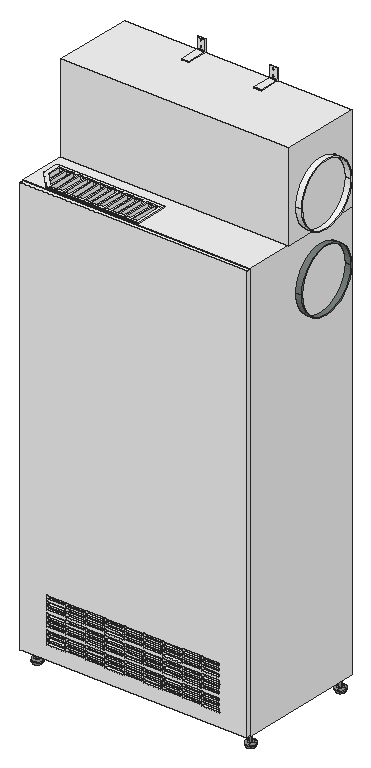
Revit family "AM 950 F SSR", category Mechanical Equipment, Revit 2019
Family settings
  Round Connector Dimension = Use Diameter
  Part Type = Normal
  OmniClass Number = 23.75.00.00
  OmniClass Title = Climate Control (HVAC)
  Work Plane-Based = No
  Always vertical = Yes
  Cut with Voids When Loaded = No
  Shared = No
  Room Calculation Point = No
Parameters
  not Flashing [instance] = not(Flashing)  # yes
  Weight (Standard Unit) = 301.5  # constant formula
  Water heating surface in = "1/2\" (DN 15)"
  Water heating surface Return = "1/2\" (DN 15)"
  Water Heater Surface Return = 15 mm  # constant formula
  Water Heater Surface IN = 15 mm  # constant formula
  Version = "1.0"
  URL = "www.airmaster-as.com"
  Total Width = 1150 mm  # constant formula
  Total Hight = 2120 mm  # constant formula
  Suply Air In = 315 mm  # constant formula
  Publication date = "11.06.2025"
  Phase 1 - Max Power Consumption = "2.790 w"
  Phase 1 - Max Current = "12,7A"
  Nominal current, electrical preheating surface = "10 A"
  Nominal current, electrical comfort heating surface = "7,39 A"
  Maximum current, air handling unit = "2,76 A"
  Network Conection = "AWG 24 CAT 5e STP"
  Model = "AM 950 F SSR"
  Max. flow rate 35 dB(A) with ePM10 55% filters = 912.00 m³  # constant formula
  Max. flow rate 35 dB(A) with ePM10 50% filters = 915.00 m³  # constant formula
  Max. flow rate 30 dB(A) with ePM10 55% filters = 715.00 m³  # constant formula
  Max. flow rate 30 dB(A) with ePM10 50% filters = 730.00 m³  # constant formula
  Manufacturer = "Airmaster A/S"
  Maintenance [instance] = no
  Flashing [instance] = no
  Exhaust Air = 315 mm  # constant formula
  Total Depth = 661 mm  # constant formula
  Electrical connection = "220-240V/50Hz, ~1N+PE or 220-240V/50Hz, ~3N+PE"
  Drawn By = "LSB"
  Condensate conector = "Ø6/9 mm"
  Condensate = 9 mm  # constant formula
  BMS Panel = "(PTS) 2x2x0,6"
  BMS Out = "(PTS) 2x2x0,6"
  BMS IN = "(PTS) 2x2x0,6"
  Airflow area [instance] = no
Reference planes
  plane 1 "Center (Front/Back)": y = 0
  plane 2: z = -30
  plane 3 "Center (Left/Right)": x = 0
  plane 4 "Center L/S": y = -661
  plane 5 "Center L/T": x = -575
  plane 6 "Center L/U": x = 575
  plane 7 "TOP": z = 2090
Forms (mm)
  Extrusion 1, solid, material "AM Grey"
    sketch origin (0, 0, 2121) x (1, 0, 0) y (0, 1, 0)
      loop
        circle (-375, -200) r 157.5
      loop
        circle (-375, -200) r 154.5
    from 0 to 34
  Extrusion 2, solid, material "AM Grey"
    sketch origin (0, 0, 2121) x (-1, 0, 0) y (0, -1, 0)
      loop
        circle (-375, 200) r 157.5
      loop
        circle (-375, 200) r 154.5
    from 0 to 34
  Blend 3, void
    base sketch origin (50, 0, 2121) x (0, 1, 0) y (-1, 0, 0)
      loop
        line (-614.869, 458.066) -> (-614.869, 415.733) -> (-478.869, 484.733) -> (-478.869, 527.066) -> (-614.869, 458.066)
    top sketch origin (50, 0, 2121) x (0, 1, 0) y (-1, 0, 0)
      loop
        line (-478.869, 497.066) -> (-614.869, 428.066) -> (-614.869, 385.733) -> (-478.869, 454.733) -> (-478.869, 497.066)
    from 0 to -30
  Blend 4, void
    base sketch origin (99.25, 0, 2121) x (0, 1, 0) y (-1, 0, 0)
      loop
        line (-614.869, 458.066) -> (-614.869, 415.733) -> (-478.869, 484.733) -> (-478.869, 527.066) -> (-614.869, 458.066)
    top sketch origin (99.25, 0, 2121) x (0, 1, 0) y (-1, 0, 0)
      loop
        line (-478.869, 497.066) -> (-614.869, 428.066) -> (-614.869, 385.733) -> (-478.869, 454.733) -> (-478.869, 497.066)
    from 0 to -30
  Blend 5, void
    base sketch origin (148.5, 0, 2121) x (0, 1, 0) y (-1, 0, 0)
      loop
        line (-614.869, 458.066) -> (-614.869, 415.733) -> (-478.869, 484.733) -> (-478.869, 527.066) -> (-614.869, 458.066)
    top sketch origin (148.5, 0, 2121) x (0, 1, 0) y (-1, 0, 0)
      loop
        line (-478.869, 497.066) -> (-614.869, 428.066) -> (-614.869, 385.733) -> (-478.869, 454.733) -> (-478.869, 497.066)
    from 0 to -30
  Blend 6, void
    base sketch origin (197.75, 0, 2121) x (0, 1, 0) y (-1, 0, 0)
      loop
        line (-614.869, 458.066) -> (-614.869, 415.733) -> (-478.869, 484.733) -> (-478.869, 527.066) -> (-614.869, 458.066)
    top sketch origin (197.75, 0, 2121) x (0, 1, 0) y (-1, 0, 0)
      loop
        line (-478.869, 497.066) -> (-614.869, 428.066) -> (-614.869, 385.733) -> (-478.869, 454.733) -> (-478.869, 497.066)
    from 0 to -30
  Blend 7, void
    base sketch origin (247, 0, 2121) x (0, 1, 0) y (-1, 0, 0)
      loop
        line (-614.869, 458.066) -> (-614.869, 415.733) -> (-478.869, 484.733) -> (-478.869, 527.066) -> (-614.869, 458.066)
    top sketch origin (247, 0, 2121) x (0, 1, 0) y (-1, 0, 0)
      loop
        line (-478.869, 497.066) -> (-614.869, 428.066) -> (-614.869, 385.733) -> (-478.869, 454.733) -> (-478.869, 497.066)
    from 0 to -30
  Blend 8, void
    base sketch origin (296.25, 0, 2121) x (0, 1, 0) y (-1, 0, 0)
      loop
        line (-614.869, 458.066) -> (-614.869, 415.733) -> (-478.869, 484.733) -> (-478.869, 527.066) -> (-614.869, 458.066)
    top sketch origin (296.25, 0, 2121) x (0, 1, 0) y (-1, 0, 0)
      loop
        line (-478.869, 497.066) -> (-614.869, 428.066) -> (-614.869, 385.733) -> (-478.869, 454.733) -> (-478.869, 497.066)
    from 0 to -30
  Blend 9, void
    base sketch origin (345.5, 0, 2121) x (0, 1, 0) y (-1, 0, 0)
      loop
        line (-614.869, 458.066) -> (-614.869, 415.733) -> (-478.869, 484.733) -> (-478.869, 527.066) -> (-614.869, 458.066)
    top sketch origin (345.5, 0, 2121) x (0, 1, 0) y (-1, 0, 0)
      loop
        line (-478.869, 497.066) -> (-614.869, 428.066) -> (-614.869, 385.733) -> (-478.869, 454.733) -> (-478.869, 497.066)
    from 0 to -30
  Blend 10, void
    base sketch origin (-51, 0, 2121) x (0, -1, 0) y (1, 0, 0)
      loop
        line (614.869, 458.066) -> (478.869, 527.066) -> (478.869, 484.733) -> (614.869, 415.733) -> (614.869, 458.066)
    top sketch origin (-51, 0, 2121) x (0, -1, 0) y (1, 0, 0)
      loop
        line (478.869, 497.066) -> (478.869, 454.733) -> (614.869, 385.733) -> (614.869, 428.066) -> (478.869, 497.066)
    from 0 to -30
  Blend 11, void
    base sketch origin (-100.25, 0, 2121) x (0, -1, 0) y (1, 0, 0)
      loop
        line (614.869, 458.066) -> (478.869, 527.066) -> (478.869, 484.733) -> (614.869, 415.733) -> (614.869, 458.066)
    top sketch origin (-100.25, 0, 2121) x (0, -1, 0) y (1, 0, 0)
      loop
        line (478.869, 497.066) -> (478.869, 454.733) -> (614.869, 385.733) -> (614.869, 428.066) -> (478.869, 497.066)
    from 0 to -30
  Blend 12, void
    base sketch origin (-149.5, 0, 2121) x (0, -1, 0) y (1, 0, 0)
      loop
        line (614.869, 458.066) -> (478.869, 527.066) -> (478.869, 484.733) -> (614.869, 415.733) -> (614.869, 458.066)
    top sketch origin (-149.5, 0, 2121) x (0, -1, 0) y (1, 0, 0)
      loop
        line (478.869, 497.066) -> (478.869, 454.733) -> (614.869, 385.733) -> (614.869, 428.066) -> (478.869, 497.066)
    from 0 to -30
  Blend 13, void
    base sketch origin (-198.75, 0, 2121) x (0, -1, 0) y (1, 0, 0)
      loop
        line (614.869, 458.066) -> (478.869, 527.066) -> (478.869, 484.733) -> (614.869, 415.733) -> (614.869, 458.066)
    top sketch origin (-198.75, 0, 2121) x (0, -1, 0) y (1, 0, 0)
      loop
        line (478.869, 497.066) -> (478.869, 454.733) -> (614.869, 385.733) -> (614.869, 428.066) -> (478.869, 497.066)
    from 0 to -30
  Blend 14, void
    base sketch origin (-248, 0, 2121) x (0, -1, 0) y (1, 0, 0)
      loop
        line (614.869, 458.066) -> (478.869, 527.066) -> (478.869, 484.733) -> (614.869, 415.733) -> (614.869, 458.066)
    top sketch origin (-248, 0, 2121) x (0, -1, 0) y (1, 0, 0)
      loop
        line (478.869, 497.066) -> (478.869, 454.733) -> (614.869, 385.733) -> (614.869, 428.066) -> (478.869, 497.066)
    from 0 to -30
  Blend 15, void
    base sketch origin (-297.25, 0, 2121) x (0, -1, 0) y (1, 0, 0)
      loop
        line (614.869, 458.066) -> (478.869, 527.066) -> (478.869, 484.733) -> (614.869, 415.733) -> (614.869, 458.066)
    top sketch origin (-297.25, 0, 2121) x (0, -1, 0) y (1, 0, 0)
      loop
        line (478.869, 497.066) -> (478.869, 454.733) -> (614.869, 385.733) -> (614.869, 428.066) -> (478.869, 497.066)
    from 0 to -30
  Blend 16, void
    base sketch origin (-346.5, 0, 2121) x (0, -1, 0) y (1, 0, 0)
      loop
        line (614.869, 458.066) -> (478.869, 527.066) -> (478.869, 484.733) -> (614.869, 415.733) -> (614.869, 458.066)
    top sketch origin (-346.5, 0, 2121) x (0, -1, 0) y (1, 0, 0)
      loop
        line (478.869, 497.066) -> (478.869, 454.733) -> (614.869, 385.733) -> (614.869, 428.066) -> (478.869, 497.066)
    from 0 to -30
  Extrusion 17, solid, material "AM White"
    sketch origin (-528.607, 0, 0) x (1, 0, 0) y (0, 0, -1)
      loop
        line (12.024, -2140.408) -> (3.517, -2158.651) -> (15.062, -2175.14) -> (35.115, -2173.386) -> (43.622, -2155.142) -> (32.076, -2138.654) -> (12.024, -2140.408)
    from 0 to 34
  Extrusion 18, solid, material "AM White"
    sketch origin (0, 0, 44.5) x (1, 0, 0) y (0, 1, 0)
      loop
        line (-575, 0) -> (-575, -641) -> (575, -641) -> (575, 0) -> (-575, 0)
    from 0 to 2120 <- "Total Hight"
  Extrusion 19, solid, material "AM White", detail levels fine
    sketch origin (0, -661, 74.5) x (1, 0, 0) y (0, 0, -1)
      loop
        arc (-572.5, 30) -> (-574.268, 29.268) -> (-575, 27.5) r 2.5
        line (-575, 27.5) -> (-575, -2087.5)
        arc (-575, -2087.5) -> (-574.268, -2089.268) -> (-572.5, -2090) r 2.5
        line (-572.5, -2090) -> (572.5, -2090)
        arc (572.5, -2090) -> (574.268, -2089.268) -> (575, -2087.5) r 2.5
        line (575, -2087.5) -> (575, 27.5)
        arc (575, 27.5) -> (574.268, 29.268) -> (572.5, 30) r 2.5
        line (572.5, 30) -> (-572.5, 30)
    from 0 to 20
  Extrusion 20, solid, material "AM White", visible <- "not Flashing", detail levels fine
    sketch origin (-164, -474.5, 516.098) x (0, 1, 0) y (0, 0, -1)
      loop
        arc (474.5, -2098.402) -> (472.743, -2094.159) -> (468.5, -2092.402) r 6
        line (468.5, -2092.402) -> (369.5, -2092.402) -> (369.5, -2095.402) -> (468.5, -2095.402)
        arc (468.5, -2095.402) -> (470.621, -2096.28) -> (471.5, -2098.402) r 3
        line (471.5, -2098.402) -> (471.5, -2151.402) -> (474.5, -2151.402) -> (474.5, -2098.402)
    from 0 to 38
  Extrusion 21, solid, material "AM White", visible <- "not Flashing", detail levels fine
    sketch origin (202, -474.5, 516.098) x (0, 1, 0) y (0, 0, -1)
      loop
        arc (474.5, -2098.402) -> (472.743, -2094.159) -> (468.5, -2092.402) r 6
        line (468.5, -2092.402) -> (369.5, -2092.402) -> (369.5, -2095.402) -> (468.5, -2095.402)
        arc (468.5, -2095.402) -> (470.621, -2096.28) -> (471.5, -2098.402) r 3
        line (471.5, -2098.402) -> (471.5, -2151.402) -> (474.5, -2151.402) -> (474.5, -2098.402)
    from 0 to 38
  Extrusion 22, void
    sketch origin (0, -661, 109.5) x (1, 0, 0) y (0, 0, -1)
      loop
        arc (-438.016, -5) -> (-438.712, -5.288) -> (-439, -5.984) r 0.984
        line (-439, -5.984) -> (-439, -23.016)
        arc (-439, -23.016) -> (-438.712, -23.712) -> (-438.016, -24) r 0.984
        line (-438.016, -24) -> (-346.984, -24)
        arc (-346.984, -24) -> (-346.288, -23.712) -> (-346, -23.016) r 0.984
        line (-346, -23.016) -> (-346, -5.984)
        arc (-346, -5.984) -> (-346.288, -5.288) -> (-346.984, -5) r 0.984
        line (-346.984, -5) -> (-438.016, -5)
      loop
        arc (-438.016, -29) -> (-438.712, -29.288) -> (-439, -29.984) r 0.984
        line (-439, -29.984) -> (-439, -47.016)
        arc (-439, -47.016) -> (-438.712, -47.712) -> (-438.016, -48) r 0.984
        line (-438.016, -48) -> (-346.984, -48)
        arc (-346.984, -48) -> (-346.288, -47.712) -> (-346, -47.016) r 0.984
        line (-346, -47.016) -> (-346, -29.984)
        arc (-346, -29.984) -> (-346.288, -29.288) -> (-346.984, -29) r 0.984
        line (-346.984, -29) -> (-438.016, -29)
      loop
        arc (-438.016, -53) -> (-438.712, -53.288) -> (-439, -53.984) r 0.984
        line (-439, -53.984) -> (-439, -71.016)
        arc (-439, -71.016) -> (-438.712, -71.712) -> (-438.016, -72) r 0.984
        line (-438.016, -72) -> (-346.984, -72)
        arc (-346.984, -72) -> (-346.288, -71.712) -> (-346, -71.016) r 0.984
        line (-346, -71.016) -> (-346, -53.984)
        arc (-346, -53.984) -> (-346.288, -53.288) -> (-346.984, -53) r 0.984
        line (-346.984, -53) -> (-438.016, -53)
      loop
        arc (-438.016, -84) -> (-438.712, -84.288) -> (-439, -84.984) r 0.984
        line (-439, -84.984) -> (-439, -102.016)
        arc (-439, -102.016) -> (-438.712, -102.712) -> (-438.016, -103) r 0.984
        line (-438.016, -103) -> (-346.984, -103)
        arc (-346.984, -103) -> (-346.288, -102.712) -> (-346, -102.016) r 0.984
        line (-346, -102.016) -> (-346, -84.984)
        arc (-346, -84.984) -> (-346.288, -84.288) -> (-346.984, -84) r 0.984
        line (-346.984, -84) -> (-438.016, -84)
      loop
        arc (-438.016, -108) -> (-438.712, -108.288) -> (-439, -108.984) r 0.984
        line (-439, -108.984) -> (-439, -126.016)
        arc (-439, -126.016) -> (-438.712, -126.712) -> (-438.016, -127) r 0.984
        line (-438.016, -127) -> (-346.984, -127)
        arc (-346.984, -127) -> (-346.288, -126.712) -> (-346, -126.016) r 0.984
        line (-346, -126.016) -> (-346, -108.984)
        arc (-346, -108.984) -> (-346.288, -108.288) -> (-346.984, -108) r 0.984
        line (-346.984, -108) -> (-438.016, -108)
      loop
        arc (-438.016, -132) -> (-438.712, -132.288) -> (-439, -132.984) r 0.984
        line (-439, -132.984) -> (-439, -150.016)
        arc (-439, -150.016) -> (-438.712, -150.712) -> (-438.016, -151) r 0.984
        line (-438.016, -151) -> (-346.984, -151)
        arc (-346.984, -151) -> (-346.288, -150.712) -> (-346, -150.016) r 0.984
        line (-346, -150.016) -> (-346, -132.984)
        arc (-346, -132.984) -> (-346.288, -132.288) -> (-346.984, -132) r 0.984
        line (-346.984, -132) -> (-438.016, -132)
      loop
        arc (-438.016, -163) -> (-438.712, -163.288) -> (-439, -163.984) r 0.984
        line (-439, -163.984) -> (-439, -181.016)
        arc (-439, -181.016) -> (-438.712, -181.712) -> (-438.016, -182) r 0.984
        line (-438.016, -182) -> (-346.984, -182)
        arc (-346.984, -182) -> (-346.288, -181.712) -> (-346, -181.016) r 0.984
        line (-346, -181.016) -> (-346, -163.984)
        arc (-346, -163.984) -> (-346.288, -163.288) -> (-346.984, -163) r 0.984
        line (-346.984, -163) -> (-438.016, -163)
      loop
        arc (-438.016, -187) -> (-438.712, -187.288) -> (-439, -187.984) r 0.984
        line (-439, -187.984) -> (-439, -205.016)
        arc (-439, -205.016) -> (-438.712, -205.712) -> (-438.016, -206) r 0.984
        line (-438.016, -206) -> (-346.984, -206)
        arc (-346.984, -206) -> (-346.288, -205.712) -> (-346, -205.016) r 0.984
        line (-346, -205.016) -> (-346, -187.984)
        arc (-346, -187.984) -> (-346.288, -187.288) -> (-346.984, -187) r 0.984
        line (-346.984, -187) -> (-438.016, -187)
      loop
        arc (-438.016, -211) -> (-438.712, -211.288) -> (-439, -211.984) r 0.984
        line (-439, -211.984) -> (-439, -229.016)
        arc (-439, -229.016) -> (-438.712, -229.712) -> (-438.016, -230) r 0.984
        line (-438.016, -230) -> (-346.984, -230)
        arc (-346.984, -230) -> (-346.288, -229.712) -> (-346, -229.016) r 0.984
        line (-346, -229.016) -> (-346, -211.984)
        arc (-346, -211.984) -> (-346.288, -211.288) -> (-346.984, -211) r 0.984
        line (-346.984, -211) -> (-438.016, -211)
      loop
        arc (-340.016, -5) -> (-340.712, -5.288) -> (-341, -5.984) r 0.984
        line (-341, -5.984) -> (-341, -23.016)
        arc (-341, -23.016) -> (-340.712, -23.712) -> (-340.016, -24) r 0.984
        line (-340.016, -24) -> (-248.984, -24)
        arc (-248.984, -24) -> (-248.288, -23.712) -> (-248, -23.016) r 0.984
        line (-248, -23.016) -> (-248, -5.984)
        arc (-248, -5.984) -> (-248.288, -5.288) -> (-248.984, -5) r 0.984
        line (-248.984, -5) -> (-340.016, -5)
      loop
        arc (-340.016, -29) -> (-340.712, -29.288) -> (-341, -29.984) r 0.984
        line (-341, -29.984) -> (-341, -47.016)
        arc (-341, -47.016) -> (-340.712, -47.712) -> (-340.016, -48) r 0.984
        line (-340.016, -48) -> (-248.984, -48)
        arc (-248.984, -48) -> (-248.288, -47.712) -> (-248, -47.016) r 0.984
        line (-248, -47.016) -> (-248, -29.984)
        arc (-248, -29.984) -> (-248.288, -29.288) -> (-248.984, -29) r 0.984
        line (-248.984, -29) -> (-340.016, -29)
      loop
        arc (-340.016, -53) -> (-340.712, -53.288) -> (-341, -53.984) r 0.984
        line (-341, -53.984) -> (-341, -71.016)
        arc (-341, -71.016) -> (-340.712, -71.712) -> (-340.016, -72) r 0.984
        line (-340.016, -72) -> (-248.984, -72)
        arc (-248.984, -72) -> (-248.288, -71.712) -> (-248, -71.016) r 0.984
        line (-248, -71.016) -> (-248, -53.984)
        arc (-248, -53.984) -> (-248.288, -53.288) -> (-248.984, -53) r 0.984
        line (-248.984, -53) -> (-340.016, -53)
      loop
        arc (-340.016, -84) -> (-340.712, -84.288) -> (-341, -84.984) r 0.984
        line (-341, -84.984) -> (-341, -102.016)
        arc (-341, -102.016) -> (-340.712, -102.712) -> (-340.016, -103) r 0.984
        line (-340.016, -103) -> (-248.984, -103)
        arc (-248.984, -103) -> (-248.288, -102.712) -> (-248, -102.016) r 0.984
        line (-248, -102.016) -> (-248, -84.984)
        arc (-248, -84.984) -> (-248.288, -84.288) -> (-248.984, -84) r 0.984
        line (-248.984, -84) -> (-340.016, -84)
      loop
        arc (-340.016, -108) -> (-340.712, -108.288) -> (-341, -108.984) r 0.984
        line (-341, -108.984) -> (-341, -126.016)
        arc (-341, -126.016) -> (-340.712, -126.712) -> (-340.016, -127) r 0.984
        line (-340.016, -127) -> (-248.984, -127)
        arc (-248.984, -127) -> (-248.288, -126.712) -> (-248, -126.016) r 0.984
        line (-248, -126.016) -> (-248, -108.984)
        arc (-248, -108.984) -> (-248.288, -108.288) -> (-248.984, -108) r 0.984
        line (-248.984, -108) -> (-340.016, -108)
      loop
        arc (-340.016, -132) -> (-340.712, -132.288) -> (-341, -132.984) r 0.984
        line (-341, -132.984) -> (-341, -150.016)
        arc (-341, -150.016) -> (-340.712, -150.712) -> (-340.016, -151) r 0.984
        line (-340.016, -151) -> (-248.984, -151)
        arc (-248.984, -151) -> (-248.288, -150.712) -> (-248, -150.016) r 0.984
        line (-248, -150.016) -> (-248, -132.984)
        arc (-248, -132.984) -> (-248.288, -132.288) -> (-248.984, -132) r 0.984
        line (-248.984, -132) -> (-340.016, -132)
      loop
        arc (-340.016, -163) -> (-340.712, -163.288) -> (-341, -163.984) r 0.984
        line (-341, -163.984) -> (-341, -181.016)
        arc (-341, -181.016) -> (-340.712, -181.712) -> (-340.016, -182) r 0.984
        line (-340.016, -182) -> (-248.984, -182)
        arc (-248.984, -182) -> (-248.288, -181.712) -> (-248, -181.016) r 0.984
        line (-248, -181.016) -> (-248, -163.984)
        arc (-248, -163.984) -> (-248.288, -163.288) -> (-248.984, -163) r 0.984
        line (-248.984, -163) -> (-340.016, -163)
      loop
        arc (-340.016, -187) -> (-340.712, -187.288) -> (-341, -187.984) r 0.984
        line (-341, -187.984) -> (-341, -205.016)
        arc (-341, -205.016) -> (-340.712, -205.712) -> (-340.016, -206) r 0.984
        line (-340.016, -206) -> (-248.984, -206)
        arc (-248.984, -206) -> (-248.288, -205.712) -> (-248, -205.016) r 0.984
        line (-248, -205.016) -> (-248, -187.984)
        arc (-248, -187.984) -> (-248.288, -187.288) -> (-248.984, -187) r 0.984
        line (-248.984, -187) -> (-340.016, -187)
      loop
        arc (-340.016, -211) -> (-340.712, -211.288) -> (-341, -211.984) r 0.984
        line (-341, -211.984) -> (-341, -229.016)
        arc (-341, -229.016) -> (-340.712, -229.712) -> (-340.016, -230) r 0.984
        line (-340.016, -230) -> (-248.984, -230)
        arc (-248.984, -230) -> (-248.288, -229.712) -> (-248, -229.016) r 0.984
        line (-248, -229.016) -> (-248, -211.984)
        arc (-248, -211.984) -> (-248.288, -211.288) -> (-248.984, -211) r 0.984
        line (-248.984, -211) -> (-340.016, -211)
      loop
        arc (-242.016, -5) -> (-242.712, -5.288) -> (-243, -5.984) r 0.984
        line (-243, -5.984) -> (-243, -23.016)
        arc (-243, -23.016) -> (-242.712, -23.712) -> (-242.016, -24) r 0.984
        line (-242.016, -24) -> (-150.984, -24)
        arc (-150.984, -24) -> (-150.288, -23.712) -> (-150, -23.016) r 0.984
        line (-150, -23.016) -> (-150, -5.984)
        arc (-150, -5.984) -> (-150.288, -5.288) -> (-150.984, -5) r 0.984
        line (-150.984, -5) -> (-242.016, -5)
      loop
        arc (-242.016, -29) -> (-242.712, -29.288) -> (-243, -29.984) r 0.984
        line (-243, -29.984) -> (-243, -47.016)
        arc (-243, -47.016) -> (-242.712, -47.712) -> (-242.016, -48) r 0.984
        line (-242.016, -48) -> (-150.984, -48)
        arc (-150.984, -48) -> (-150.288, -47.712) -> (-150, -47.016) r 0.984
        line (-150, -47.016) -> (-150, -29.984)
        arc (-150, -29.984) -> (-150.288, -29.288) -> (-150.984, -29) r 0.984
        line (-150.984, -29) -> (-242.016, -29)
      loop
        arc (-242.016, -53) -> (-242.712, -53.288) -> (-243, -53.984) r 0.984
        line (-243, -53.984) -> (-243, -71.016)
        arc (-243, -71.016) -> (-242.712, -71.712) -> (-242.016, -72) r 0.984
        line (-242.016, -72) -> (-150.984, -72)
        arc (-150.984, -72) -> (-150.288, -71.712) -> (-150, -71.016) r 0.984
        line (-150, -71.016) -> (-150, -53.984)
        arc (-150, -53.984) -> (-150.288, -53.288) -> (-150.984, -53) r 0.984
        line (-150.984, -53) -> (-242.016, -53)
      loop
        arc (-242.016, -84) -> (-242.712, -84.288) -> (-243, -84.984) r 0.984
        line (-243, -84.984) -> (-243, -102.016)
        arc (-243, -102.016) -> (-242.712, -102.712) -> (-242.016, -103) r 0.984
        line (-242.016, -103) -> (-150.984, -103)
        arc (-150.984, -103) -> (-150.288, -102.712) -> (-150, -102.016) r 0.984
        line (-150, -102.016) -> (-150, -84.984)
        arc (-150, -84.984) -> (-150.288, -84.288) -> (-150.984, -84) r 0.984
        line (-150.984, -84) -> (-242.016, -84)
      loop
        arc (-242.016, -108) -> (-242.712, -108.288) -> (-243, -108.984) r 0.984
        line (-243, -108.984) -> (-243, -126.016)
        arc (-243, -126.016) -> (-242.712, -126.712) -> (-242.016, -127) r 0.984
        line (-242.016, -127) -> (-150.984, -127)
        arc (-150.984, -127) -> (-150.288, -126.712) -> (-150, -126.016) r 0.984
        line (-150, -126.016) -> (-150, -108.984)
        arc (-150, -108.984) -> (-150.288, -108.288) -> (-150.984, -108) r 0.984
        line (-150.984, -108) -> (-242.016, -108)
      loop
        arc (-242.016, -132) -> (-242.712, -132.288) -> (-243, -132.984) r 0.984
        line (-243, -132.984) -> (-243, -150.016)
        arc (-243, -150.016) -> (-242.712, -150.712) -> (-242.016, -151) r 0.984
        line (-242.016, -151) -> (-150.984, -151)
        arc (-150.984, -151) -> (-150.288, -150.712) -> (-150, -150.016) r 0.984
        line (-150, -150.016) -> (-150, -132.984)
        arc (-150, -132.984) -> (-150.288, -132.288) -> (-150.984, -132) r 0.984
        line (-150.984, -132) -> (-242.016, -132)
      loop
        arc (-242.016, -163) -> (-242.712, -163.288) -> (-243, -163.984) r 0.984
        line (-243, -163.984) -> (-243, -181.016)
        arc (-243, -181.016) -> (-242.712, -181.712) -> (-242.016, -182) r 0.984
        line (-242.016, -182) -> (-150.984, -182)
        arc (-150.984, -182) -> (-150.288, -181.712) -> (-150, -181.016) r 0.984
        line (-150, -181.016) -> (-150, -163.984)
        arc (-150, -163.984) -> (-150.288, -163.288) -> (-150.984, -163) r 0.984
        line (-150.984, -163) -> (-242.016, -163)
      loop
        arc (-242.016, -187) -> (-242.712, -187.288) -> (-243, -187.984) r 0.984
        line (-243, -187.984) -> (-243, -205.016)
        arc (-243, -205.016) -> (-242.712, -205.712) -> (-242.016, -206) r 0.984
        line (-242.016, -206) -> (-150.984, -206)
        arc (-150.984, -206) -> (-150.288, -205.712) -> (-150, -205.016) r 0.984
        line (-150, -205.016) -> (-150, -187.984)
        arc (-150, -187.984) -> (-150.288, -187.288) -> (-150.984, -187) r 0.984
        line (-150.984, -187) -> (-242.016, -187)
      loop
        arc (-242.016, -211) -> (-242.712, -211.288) -> (-243, -211.984) r 0.984
        line (-243, -211.984) -> (-243, -229.016)
        arc (-243, -229.016) -> (-242.712, -229.712) -> (-242.016, -230) r 0.984
        line (-242.016, -230) -> (-150.984, -230)
        arc (-150.984, -230) -> (-150.288, -229.712) -> (-150, -229.016) r 0.984
        line (-150, -229.016) -> (-150, -211.984)
        arc (-150, -211.984) -> (-150.288, -211.288) -> (-150.984, -211) r 0.984
        line (-150.984, -211) -> (-242.016, -211)
      loop
        arc (-144.016, -5) -> (-144.712, -5.288) -> (-145, -5.984) r 0.984
        line (-145, -5.984) -> (-145, -23.016)
        arc (-145, -23.016) -> (-144.712, -23.712) -> (-144.016, -24) r 0.984
        line (-144.016, -24) -> (-52.984, -24)
        arc (-52.984, -24) -> (-52.288, -23.712) -> (-52, -23.016) r 0.984
        line (-52, -23.016) -> (-52, -5.984)
        arc (-52, -5.984) -> (-52.288, -5.288) -> (-52.984, -5) r 0.984
        line (-52.984, -5) -> (-144.016, -5)
      loop
        arc (-144.016, -29) -> (-144.712, -29.288) -> (-145, -29.984) r 0.984
        line (-145, -29.984) -> (-145, -47.016)
        arc (-145, -47.016) -> (-144.712, -47.712) -> (-144.016, -48) r 0.984
        line (-144.016, -48) -> (-52.984, -48)
        arc (-52.984, -48) -> (-52.288, -47.712) -> (-52, -47.016) r 0.984
        line (-52, -47.016) -> (-52, -29.984)
        arc (-52, -29.984) -> (-52.288, -29.288) -> (-52.984, -29) r 0.984
        line (-52.984, -29) -> (-144.016, -29)
      loop
        arc (-144.016, -53) -> (-144.712, -53.288) -> (-145, -53.984) r 0.984
        line (-145, -53.984) -> (-145, -71.016)
        arc (-145, -71.016) -> (-144.712, -71.712) -> (-144.016, -72) r 0.984
        line (-144.016, -72) -> (-52.984, -72)
        arc (-52.984, -72) -> (-52.288, -71.712) -> (-52, -71.016) r 0.984
        line (-52, -71.016) -> (-52, -53.984)
        arc (-52, -53.984) -> (-52.288, -53.288) -> (-52.984, -53) r 0.984
        line (-52.984, -53) -> (-144.016, -53)
      loop
        arc (-144.016, -84) -> (-144.712, -84.288) -> (-145, -84.984) r 0.984
        line (-145, -84.984) -> (-145, -102.016)
        arc (-145, -102.016) -> (-144.712, -102.712) -> (-144.016, -103) r 0.984
        line (-144.016, -103) -> (-52.984, -103)
        arc (-52.984, -103) -> (-52.288, -102.712) -> (-52, -102.016) r 0.984
        line (-52, -102.016) -> (-52, -84.984)
        arc (-52, -84.984) -> (-52.288, -84.288) -> (-52.984, -84) r 0.984
        line (-52.984, -84) -> (-144.016, -84)
      loop
        arc (-144.016, -108) -> (-144.712, -108.288) -> (-145, -108.984) r 0.984
        line (-145, -108.984) -> (-145, -126.016)
        arc (-145, -126.016) -> (-144.712, -126.712) -> (-144.016, -127) r 0.984
        line (-144.016, -127) -> (-52.984, -127)
        arc (-52.984, -127) -> (-52.288, -126.712) -> (-52, -126.016) r 0.984
        line (-52, -126.016) -> (-52, -108.984)
        arc (-52, -108.984) -> (-52.288, -108.288) -> (-52.984, -108) r 0.984
        line (-52.984, -108) -> (-144.016, -108)
      loop
        arc (-144.016, -132) -> (-144.712, -132.288) -> (-145, -132.984) r 0.984
        line (-145, -132.984) -> (-145, -150.016)
        arc (-145, -150.016) -> (-144.712, -150.712) -> (-144.016, -151) r 0.984
        line (-144.016, -151) -> (-52.984, -151)
        arc (-52.984, -151) -> (-52.288, -150.712) -> (-52, -150.016) r 0.984
        line (-52, -150.016) -> (-52, -132.984)
        arc (-52, -132.984) -> (-52.288, -132.288) -> (-52.984, -132) r 0.984
        line (-52.984, -132) -> (-144.016, -132)
      loop
        arc (-144.016, -163) -> (-144.712, -163.288) -> (-145, -163.984) r 0.984
        line (-145, -163.984) -> (-145, -181.016)
        arc (-145, -181.016) -> (-144.712, -181.712) -> (-144.016, -182) r 0.984
        line (-144.016, -182) -> (-52.984, -182)
        arc (-52.984, -182) -> (-52.288, -181.712) -> (-52, -181.016) r 0.984
        line (-52, -181.016) -> (-52, -163.984)
        arc (-52, -163.984) -> (-52.288, -163.288) -> (-52.984, -163) r 0.984
        line (-52.984, -163) -> (-144.016, -163)
      loop
        arc (-144.016, -187) -> (-144.712, -187.288) -> (-145, -187.984) r 0.984
        line (-145, -187.984) -> (-145, -205.016)
        arc (-145, -205.016) -> (-144.712, -205.712) -> (-144.016, -206) r 0.984
        line (-144.016, -206) -> (-52.984, -206)
        arc (-52.984, -206) -> (-52.288, -205.712) -> (-52, -205.016) r 0.984
        line (-52, -205.016) -> (-52, -187.984)
        arc (-52, -187.984) -> (-52.288, -187.288) -> (-52.984, -187) r 0.984
        line (-52.984, -187) -> (-144.016, -187)
      loop
        arc (-144.016, -211) -> (-144.712, -211.288) -> (-145, -211.984) r 0.984
        line (-145, -211.984) -> (-145, -229.016)
        arc (-145, -229.016) -> (-144.712, -229.712) -> (-144.016, -230) r 0.984
        line (-144.016, -230) -> (-52.984, -230)
        arc (-52.984, -230) -> (-52.288, -229.712) -> (-52, -229.016) r 0.984
        line (-52, -229.016) -> (-52, -211.984)
        arc (-52, -211.984) -> (-52.288, -211.288) -> (-52.984, -211) r 0.984
        line (-52.984, -211) -> (-144.016, -211)
      loop
        arc (-46.016, -5) -> (-46.712, -5.288) -> (-47, -5.984) r 0.984
        line (-47, -5.984) -> (-47, -23.016)
        arc (-47, -23.016) -> (-46.712, -23.712) -> (-46.016, -24) r 0.984
        line (-46.016, -24) -> (45.016, -24)
        arc (45.016, -24) -> (45.712, -23.712) -> (46, -23.016) r 0.984
        line (46, -23.016) -> (46, -5.984)
        arc (46, -5.984) -> (45.712, -5.288) -> (45.016, -5) r 0.984
        line (45.016, -5) -> (-46.016, -5)
      loop
        arc (-46.016, -29) -> (-46.712, -29.288) -> (-47, -29.984) r 0.984
        line (-47, -29.984) -> (-47, -47.016)
        arc (-47, -47.016) -> (-46.712, -47.712) -> (-46.016, -48) r 0.984
        line (-46.016, -48) -> (45.016, -48)
        arc (45.016, -48) -> (45.712, -47.712) -> (46, -47.016) r 0.984
        line (46, -47.016) -> (46, -29.984)
        arc (46, -29.984) -> (45.712, -29.288) -> (45.016, -29) r 0.984
        line (45.016, -29) -> (-46.016, -29)
      loop
        arc (-46.016, -53) -> (-46.712, -53.288) -> (-47, -53.984) r 0.984
        line (-47, -53.984) -> (-47, -71.016)
        arc (-47, -71.016) -> (-46.712, -71.712) -> (-46.016, -72) r 0.984
        line (-46.016, -72) -> (45.016, -72)
        arc (45.016, -72) -> (45.712, -71.712) -> (46, -71.016) r 0.984
        line (46, -71.016) -> (46, -53.984)
        arc (46, -53.984) -> (45.712, -53.288) -> (45.016, -53) r 0.984
        line (45.016, -53) -> (-46.016, -53)
      loop
        arc (-46.016, -84) -> (-46.712, -84.288) -> (-47, -84.984) r 0.984
        line (-47, -84.984) -> (-47, -102.016)
        arc (-47, -102.016) -> (-46.712, -102.712) -> (-46.016, -103) r 0.984
        line (-46.016, -103) -> (45.016, -103)
        arc (45.016, -103) -> (45.712, -102.712) -> (46, -102.016) r 0.984
        line (46, -102.016) -> (46, -84.984)
        arc (46, -84.984) -> (45.712, -84.288) -> (45.016, -84) r 0.984
        line (45.016, -84) -> (-46.016, -84)
      loop
        arc (-46.016, -108) -> (-46.712, -108.288) -> (-47, -108.984) r 0.984
        line (-47, -108.984) -> (-47, -126.016)
        arc (-47, -126.016) -> (-46.712, -126.712) -> (-46.016, -127) r 0.984
        line (-46.016, -127) -> (45.016, -127)
        arc (45.016, -127) -> (45.712, -126.712) -> (46, -126.016) r 0.984
        line (46, -126.016) -> (46, -108.984)
        arc (46, -108.984) -> (45.712, -108.288) -> (45.016, -108) r 0.984
        line (45.016, -108) -> (-46.016, -108)
      loop
        arc (-46.016, -132) -> (-46.712, -132.288) -> (-47, -132.984) r 0.984
        line (-47, -132.984) -> (-47, -150.016)
        arc (-47, -150.016) -> (-46.712, -150.712) -> (-46.016, -151) r 0.984
        line (-46.016, -151) -> (45.016, -151)
        arc (45.016, -151) -> (45.712, -150.712) -> (46, -150.016) r 0.984
        line (46, -150.016) -> (46, -132.984)
        arc (46, -132.984) -> (45.712, -132.288) -> (45.016, -132) r 0.984
        line (45.016, -132) -> (-46.016, -132)
      loop
        arc (-46.016, -163) -> (-46.712, -163.288) -> (-47, -163.984) r 0.984
        line (-47, -163.984) -> (-47, -181.016)
        arc (-47, -181.016) -> (-46.712, -181.712) -> (-46.016, -182) r 0.984
        line (-46.016, -182) -> (45.016, -182)
        arc (45.016, -182) -> (45.712, -181.712) -> (46, -181.016) r 0.984
        line (46, -181.016) -> (46, -163.984)
        arc (46, -163.984) -> (45.712, -163.288) -> (45.016, -163) r 0.984
        line (45.016, -163) -> (-46.016, -163)
      loop
        arc (-46.016, -187) -> (-46.712, -187.288) -> (-47, -187.984) r 0.984
        line (-47, -187.984) -> (-47, -205.016)
        arc (-47, -205.016) -> (-46.712, -205.712) -> (-46.016, -206) r 0.984
        line (-46.016, -206) -> (45.016, -206)
        arc (45.016, -206) -> (45.712, -205.712) -> (46, -205.016) r 0.984
        line (46, -205.016) -> (46, -187.984)
        arc (46, -187.984) -> (45.712, -187.288) -> (45.016, -187) r 0.984
        line (45.016, -187) -> (-46.016, -187)
      loop
        arc (-46.016, -211) -> (-46.712, -211.288) -> (-47, -211.984) r 0.984
        line (-47, -211.984) -> (-47, -229.016)
        arc (-47, -229.016) -> (-46.712, -229.712) -> (-46.016, -230) r 0.984
        line (-46.016, -230) -> (45.016, -230)
        arc (45.016, -230) -> (45.712, -229.712) -> (46, -229.016) r 0.984
        line (46, -229.016) -> (46, -211.984)
        arc (46, -211.984) -> (45.712, -211.288) -> (45.016, -211) r 0.984
        line (45.016, -211) -> (-46.016, -211)
      loop
        arc (51.984, -5) -> (51.288, -5.288) -> (51, -5.984) r 0.984
        line (51, -5.984) -> (51, -23.016)
        arc (51, -23.016) -> (51.288, -23.712) -> (51.984, -24) r 0.984
        line (51.984, -24) -> (143.016, -24)
        arc (143.016, -24) -> (143.712, -23.712) -> (144, -23.016) r 0.984
        line (144, -23.016) -> (144, -5.984)
        arc (144, -5.984) -> (143.712, -5.288) -> (143.016, -5) r 0.984
        line (143.016, -5) -> (51.984, -5)
      loop
        arc (51.984, -29) -> (51.288, -29.288) -> (51, -29.984) r 0.984
        line (51, -29.984) -> (51, -47.016)
        arc (51, -47.016) -> (51.288, -47.712) -> (51.984, -48) r 0.984
        line (51.984, -48) -> (143.016, -48)
        arc (143.016, -48) -> (143.712, -47.712) -> (144, -47.016) r 0.984
        line (144, -47.016) -> (144, -29.984)
        arc (144, -29.984) -> (143.712, -29.288) -> (143.016, -29) r 0.984
        line (143.016, -29) -> (51.984, -29)
      loop
        arc (51.984, -53) -> (51.288, -53.288) -> (51, -53.984) r 0.984
        line (51, -53.984) -> (51, -71.016)
        arc (51, -71.016) -> (51.288, -71.712) -> (51.984, -72) r 0.984
        line (51.984, -72) -> (143.016, -72)
        arc (143.016, -72) -> (143.712, -71.712) -> (144, -71.016) r 0.984
        line (144, -71.016) -> (144, -53.984)
        arc (144, -53.984) -> (143.712, -53.288) -> (143.016, -53) r 0.984
        line (143.016, -53) -> (51.984, -53)
      loop
        arc (51.984, -84) -> (51.288, -84.288) -> (51, -84.984) r 0.984
        line (51, -84.984) -> (51, -102.016)
        arc (51, -102.016) -> (51.288, -102.712) -> (51.984, -103) r 0.984
        line (51.984, -103) -> (143.016, -103)
        arc (143.016, -103) -> (143.712, -102.712) -> (144, -102.016) r 0.984
        line (144, -102.016) -> (144, -84.984)
        arc (144, -84.984) -> (143.712, -84.288) -> (143.016, -84) r 0.984
        line (143.016, -84) -> (51.984, -84)
      loop
        arc (51.984, -108) -> (51.288, -108.288) -> (51, -108.984) r 0.984
        line (51, -108.984) -> (51, -126.016)
        arc (51, -126.016) -> (51.288, -126.712) -> (51.984, -127) r 0.984
        line (51.984, -127) -> (143.016, -127)
        arc (143.016, -127) -> (143.712, -126.712) -> (144, -126.016) r 0.984
        line (144, -126.016) -> (144, -108.984)
        arc (144, -108.984) -> (143.712, -108.288) -> (143.016, -108) r 0.984
        line (143.016, -108) -> (51.984, -108)
      loop
        arc (51.984, -132) -> (51.288, -132.288) -> (51, -132.984) r 0.984
        line (51, -132.984) -> (51, -150.016)
        arc (51, -150.016) -> (51.288, -150.712) -> (51.984, -151) r 0.984
        line (51.984, -151) -> (143.016, -151)
        arc (143.016, -151) -> (143.712, -150.712) -> (144, -150.016) r 0.984
        line (144, -150.016) -> (144, -132.984)
        arc (144, -132.984) -> (143.712, -132.288) -> (143.016, -132) r 0.984
        line (143.016, -132) -> (51.984, -132)
      loop
        arc (51.984, -163) -> (51.288, -163.288) -> (51, -163.984) r 0.984
        line (51, -163.984) -> (51, -181.016)
        arc (51, -181.016) -> (51.288, -181.712) -> (51.984, -182) r 0.984
        line (51.984, -182) -> (143.016, -182)
        arc (143.016, -182) -> (143.712, -181.712) -> (144, -181.016) r 0.984
        line (144, -181.016) -> (144, -163.984)
        arc (144, -163.984) -> (143.712, -163.288) -> (143.016, -163) r 0.984
        line (143.016, -163) -> (51.984, -163)
      loop
        arc (51.984, -187) -> (51.288, -187.288) -> (51, -187.984) r 0.984
        line (51, -187.984) -> (51, -205.016)
        arc (51, -205.016) -> (51.288, -205.712) -> (51.984, -206) r 0.984
        line (51.984, -206) -> (143.016, -206)
        arc (143.016, -206) -> (143.712, -205.712) -> (144, -205.016) r 0.984
        line (144, -205.016) -> (144, -187.984)
        arc (144, -187.984) -> (143.712, -187.288) -> (143.016, -187) r 0.984
        line (143.016, -187) -> (51.984, -187)
      loop
        arc (51.984, -211) -> (51.288, -211.288) -> (51, -211.984) r 0.984
        line (51, -211.984) -> (51, -229.016)
        arc (51, -229.016) -> (51.288, -229.712) -> (51.984, -230) r 0.984
        line (51.984, -230) -> (143.016, -230)
        arc (143.016, -230) -> (143.712, -229.712) -> (144, -229.016) r 0.984
        line (144, -229.016) -> (144, -211.984)
        arc (144, -211.984) -> (143.712, -211.288) -> (143.016, -211) r 0.984
        line (143.016, -211) -> (51.984, -211)
      loop
        arc (149.984, -5) -> (149.288, -5.288) -> (149, -5.984) r 0.984
        line (149, -5.984) -> (149, -23.016)
        arc (149, -23.016) -> (149.288, -23.712) -> (149.984, -24) r 0.984
        line (149.984, -24) -> (241.016, -24)
        arc (241.016, -24) -> (241.712, -23.712) -> (242, -23.016) r 0.984
        line (242, -23.016) -> (242, -5.984)
        arc (242, -5.984) -> (241.712, -5.288) -> (241.016, -5) r 0.984
        line (241.016, -5) -> (149.984, -5)
      loop
        arc (149.984, -29) -> (149.288, -29.288) -> (149, -29.984) r 0.984
        line (149, -29.984) -> (149, -47.016)
        arc (149, -47.016) -> (149.288, -47.712) -> (149.984, -48) r 0.984
        line (149.984, -48) -> (241.016, -48)
        arc (241.016, -48) -> (241.712, -47.712) -> (242, -47.016) r 0.984
        line (242, -47.016) -> (242, -29.984)
        arc (242, -29.984) -> (241.712, -29.288) -> (241.016, -29) r 0.984
        line (241.016, -29) -> (149.984, -29)
      loop
        arc (149.984, -53) -> (149.288, -53.288) -> (149, -53.984) r 0.984
        line (149, -53.984) -> (149, -71.016)
        arc (149, -71.016) -> (149.288, -71.712) -> (149.984, -72) r 0.984
        line (149.984, -72) -> (241.016, -72)
        arc (241.016, -72) -> (241.712, -71.712) -> (242, -71.016) r 0.984
        line (242, -71.016) -> (242, -53.984)
        arc (242, -53.984) -> (241.712, -53.288) -> (241.016, -53) r 0.984
        line (241.016, -53) -> (149.984, -53)
      loop
        arc (149.984, -84) -> (149.288, -84.288) -> (149, -84.984) r 0.984
        line (149, -84.984) -> (149, -102.016)
        arc (149, -102.016) -> (149.288, -102.712) -> (149.984, -103) r 0.984
        line (149.984, -103) -> (241.016, -103)
        arc (241.016, -103) -> (241.712, -102.712) -> (242, -102.016) r 0.984
        line (242, -102.016) -> (242, -84.984)
        arc (242, -84.984) -> (241.712, -84.288) -> (241.016, -84) r 0.984
        line (241.016, -84) -> (149.984, -84)
      loop
        arc (149.984, -108) -> (149.288, -108.288) -> (149, -108.984) r 0.984
        line (149, -108.984) -> (149, -126.016)
        arc (149, -126.016) -> (149.288, -126.712) -> (149.984, -127) r 0.984
        line (149.984, -127) -> (241.016, -127)
        arc (241.016, -127) -> (241.712, -126.712) -> (242, -126.016) r 0.984
        line (242, -126.016) -> (242, -108.984)
        arc (242, -108.984) -> (241.712, -108.288) -> (241.016, -108) r 0.984
        line (241.016, -108) -> (149.984, -108)
      loop
        arc (149.984, -132) -> (149.288, -132.288) -> (149, -132.984) r 0.984
        line (149, -132.984) -> (149, -150.016)
        arc (149, -150.016) -> (149.288, -150.712) -> (149.984, -151) r 0.984
        line (149.984, -151) -> (241.016, -151)
        arc (241.016, -151) -> (241.712, -150.712) -> (242, -150.016) r 0.984
        line (242, -150.016) -> (242, -132.984)
        arc (242, -132.984) -> (241.712, -132.288) -> (241.016, -132) r 0.984
        line (241.016, -132) -> (149.984, -132)
      loop
        arc (149.984, -163) -> (149.288, -163.288) -> (149, -163.984) r 0.984
        line (149, -163.984) -> (149, -181.016)
        arc (149, -181.016) -> (149.288, -181.712) -> (149.984, -182) r 0.984
        line (149.984, -182) -> (241.016, -182)
        arc (241.016, -182) -> (241.712, -181.712) -> (242, -181.016) r 0.984
        line (242, -181.016) -> (242, -163.984)
        arc (242, -163.984) -> (241.712, -163.288) -> (241.016, -163) r 0.984
        line (241.016, -163) -> (149.984, -163)
      loop
        arc (149.984, -187) -> (149.288, -187.288) -> (149, -187.984) r 0.984
        line (149, -187.984) -> (149, -205.016)
        arc (149, -205.016) -> (149.288, -205.712) -> (149.984, -206) r 0.984
        line (149.984, -206) -> (241.016, -206)
        arc (241.016, -206) -> (241.712, -205.712) -> (242, -205.016) r 0.984
        line (242, -205.016) -> (242, -187.984)
        arc (242, -187.984) -> (241.712, -187.288) -> (241.016, -187) r 0.984
        line (241.016, -187) -> (149.984, -187)
      loop
        arc (149.984, -211) -> (149.288, -211.288) -> (149, -211.984) r 0.984
        line (149, -211.984) -> (149, -229.016)
        arc (149, -229.016) -> (149.288, -229.712) -> (149.984, -230) r 0.984
        line (149.984, -230) -> (241.016, -230)
        arc (241.016, -230) -> (241.712, -229.712) -> (242, -229.016) r 0.984
        line (242, -229.016) -> (242, -211.984)
        arc (242, -211.984) -> (241.712, -211.288) -> (241.016, -211) r 0.984
        line (241.016, -211) -> (149.984, -211)
      loop
        arc (247.984, -5) -> (247.288, -5.288) -> (247, -5.984) r 0.984
        line (247, -5.984) -> (247, -23.016)
        arc (247, -23.016) -> (247.288, -23.712) -> (247.984, -24) r 0.984
        line (247.984, -24) -> (339.016, -24)
        arc (339.016, -24) -> (339.712, -23.712) -> (340, -23.016) r 0.984
        line (340, -23.016) -> (340, -5.984)
        arc (340, -5.984) -> (339.712, -5.288) -> (339.016, -5) r 0.984
        line (339.016, -5) -> (247.984, -5)
      loop
        arc (247.984, -29) -> (247.288, -29.288) -> (247, -29.984) r 0.984
        line (247, -29.984) -> (247, -47.016)
        arc (247, -47.016) -> (247.288, -47.712) -> (247.984, -48) r 0.984
        line (247.984, -48) -> (339.016, -48)
        arc (339.016, -48) -> (339.712, -47.712) -> (340, -47.016) r 0.984
        line (340, -47.016) -> (340, -29.984)
        arc (340, -29.984) -> (339.712, -29.288) -> (339.016, -29) r 0.984
        line (339.016, -29) -> (247.984, -29)
      loop
        arc (247.984, -53) -> (247.288, -53.288) -> (247, -53.984) r 0.984
        line (247, -53.984) -> (247, -71.016)
        arc (247, -71.016) -> (247.288, -71.712) -> (247.984, -72) r 0.984
        line (247.984, -72) -> (339.016, -72)
        arc (339.016, -72) -> (339.712, -71.712) -> (340, -71.016) r 0.984
        line (340, -71.016) -> (340, -53.984)
        arc (340, -53.984) -> (339.712, -53.288) -> (339.016, -53) r 0.984
        line (339.016, -53) -> (247.984, -53)
      loop
        arc (247.984, -84) -> (247.288, -84.288) -> (247, -84.984) r 0.984
        line (247, -84.984) -> (247, -102.016)
        arc (247, -102.016) -> (247.288, -102.712) -> (247.984, -103) r 0.984
        line (247.984, -103) -> (339.016, -103)
        arc (339.016, -103) -> (339.712, -102.712) -> (340, -102.016) r 0.984
        line (340, -102.016) -> (340, -84.984)
        arc (340, -84.984) -> (339.712, -84.288) -> (339.016, -84) r 0.984
        line (339.016, -84) -> (247.984, -84)
      loop
        arc (247.984, -108) -> (247.288, -108.288) -> (247, -108.984) r 0.984
        line (247, -108.984) -> (247, -126.016)
        arc (247, -126.016) -> (247.288, -126.712) -> (247.984, -127) r 0.984
        line (247.984, -127) -> (339.016, -127)
        arc (339.016, -127) -> (339.712, -126.712) -> (340, -126.016) r 0.984
        line (340, -126.016) -> (340, -108.984)
        arc (340, -108.984) -> (339.712, -108.288) -> (339.016, -108) r 0.984
        line (339.016, -108) -> (247.984, -108)
      loop
        arc (247.984, -132) -> (247.288, -132.288) -> (247, -132.984) r 0.984
        line (247, -132.984) -> (247, -150.016)
        arc (247, -150.016) -> (247.288, -150.712) -> (247.984, -151) r 0.984
        line (247.984, -151) -> (339.016, -151)
        arc (339.016, -151) -> (339.712, -150.712) -> (340, -150.016) r 0.984
        line (340, -150.016) -> (340, -132.984)
        arc (340, -132.984) -> (339.712, -132.288) -> (339.016, -132) r 0.984
        line (339.016, -132) -> (247.984, -132)
      loop
        arc (247.984, -163) -> (247.288, -163.288) -> (247, -163.984) r 0.984
        line (247, -163.984) -> (247, -181.016)
        arc (247, -181.016) -> (247.288, -181.712) -> (247.984, -182) r 0.984
        line (247.984, -182) -> (339.016, -182)
        arc (339.016, -182) -> (339.712, -181.712) -> (340, -181.016) r 0.984
        line (340, -181.016) -> (340, -163.984)
        arc (340, -163.984) -> (339.712, -163.288) -> (339.016, -163) r 0.984
        line (339.016, -163) -> (247.984, -163)
      loop
        arc (247.984, -187) -> (247.288, -187.288) -> (247, -187.984) r 0.984
        line (247, -187.984) -> (247, -205.016)
        arc (247, -205.016) -> (247.288, -205.712) -> (247.984, -206) r 0.984
        line (247.984, -206) -> (339.016, -206)
        arc (339.016, -206) -> (339.712, -205.712) -> (340, -205.016) r 0.984
        line (340, -205.016) -> (340, -187.984)
        arc (340, -187.984) -> (339.712, -187.288) -> (339.016, -187) r 0.984
        line (339.016, -187) -> (247.984, -187)
      loop
        arc (247.984, -211) -> (247.288, -211.288) -> (247, -211.984) r 0.984
        line (247, -211.984) -> (247, -229.016)
        arc (247, -229.016) -> (247.288, -229.712) -> (247.984, -230) r 0.984
        line (247.984, -230) -> (339.016, -230)
        arc (339.016, -230) -> (339.712, -229.712) -> (340, -229.016) r 0.984
        line (340, -229.016) -> (340, -211.984)
        arc (340, -211.984) -> (339.712, -211.288) -> (339.016, -211) r 0.984
        line (339.016, -211) -> (247.984, -211)
      loop
        arc (345.984, -5) -> (345.288, -5.288) -> (345, -5.984) r 0.984
        line (345, -5.984) -> (345, -23.016)
        arc (345, -23.016) -> (345.288, -23.712) -> (345.984, -24) r 0.984
        line (345.984, -24) -> (437.016, -24)
        arc (437.016, -24) -> (437.712, -23.712) -> (438, -23.016) r 0.984
        line (438, -23.016) -> (438, -5.984)
        arc (438, -5.984) -> (437.712, -5.288) -> (437.016, -5) r 0.984
        line (437.016, -5) -> (345.984, -5)
      loop
        arc (345.984, -29) -> (345.288, -29.288) -> (345, -29.984) r 0.984
        line (345, -29.984) -> (345, -47.016)
        arc (345, -47.016) -> (345.288, -47.712) -> (345.984, -48) r 0.984
        line (345.984, -48) -> (437.016, -48)
        arc (437.016, -48) -> (437.712, -47.712) -> (438, -47.016) r 0.984
        line (438, -47.016) -> (438, -29.984)
        arc (438, -29.984) -> (437.712, -29.288) -> (437.016, -29) r 0.984
        line (437.016, -29) -> (345.984, -29)
      loop
        arc (345.984, -53) -> (345.288, -53.288) -> (345, -53.984) r 0.984
        line (345, -53.984) -> (345, -71.016)
        arc (345, -71.016) -> (345.288, -71.712) -> (345.984, -72) r 0.984
        line (345.984, -72) -> (437.016, -72)
        arc (437.016, -72) -> (437.712, -71.712) -> (438, -71.016) r 0.984
        line (438, -71.016) -> (438, -53.984)
        arc (438, -53.984) -> (437.712, -53.288) -> (437.016, -53) r 0.984
        line (437.016, -53) -> (345.984, -53)
      loop
        arc (345.984, -84) -> (345.288, -84.288) -> (345, -84.984) r 0.984
        line (345, -84.984) -> (345, -102.016)
        arc (345, -102.016) -> (345.288, -102.712) -> (345.984, -103) r 0.984
        line (345.984, -103) -> (437.016, -103)
        arc (437.016, -103) -> (437.712, -102.712) -> (438, -102.016) r 0.984
        line (438, -102.016) -> (438, -84.984)
        arc (438, -84.984) -> (437.712, -84.288) -> (437.016, -84) r 0.984
        line (437.016, -84) -> (345.984, -84)
      loop
        arc (345.984, -108) -> (345.288, -108.288) -> (345, -108.984) r 0.984
        line (345, -108.984) -> (345, -126.016)
        arc (345, -126.016) -> (345.288, -126.712) -> (345.984, -127) r 0.984
        line (345.984, -127) -> (437.016, -127)
        arc (437.016, -127) -> (437.712, -126.712) -> (438, -126.016) r 0.984
        line (438, -126.016) -> (438, -108.984)
        arc (438, -108.984) -> (437.712, -108.288) -> (437.016, -108) r 0.984
        line (437.016, -108) -> (345.984, -108)
      loop
        arc (345.984, -132) -> (345.288, -132.288) -> (345, -132.984) r 0.984
        line (345, -132.984) -> (345, -150.016)
        arc (345, -150.016) -> (345.288, -150.712) -> (345.984, -151) r 0.984
        line (345.984, -151) -> (437.016, -151)
        arc (437.016, -151) -> (437.712, -150.712) -> (438, -150.016) r 0.984
        line (438, -150.016) -> (438, -132.984)
        arc (438, -132.984) -> (437.712, -132.288) -> (437.016, -132) r 0.984
        line (437.016, -132) -> (345.984, -132)
      loop
        arc (345.984, -163) -> (345.288, -163.288) -> (345, -163.984) r 0.984
        line (345, -163.984) -> (345, -181.016)
        arc (345, -181.016) -> (345.288, -181.712) -> (345.984, -182) r 0.984
        line (345.984, -182) -> (437.016, -182)
        arc (437.016, -182) -> (437.712, -181.712) -> (438, -181.016) r 0.984
        line (438, -181.016) -> (438, -163.984)
        arc (438, -163.984) -> (437.712, -163.288) -> (437.016, -163) r 0.984
        line (437.016, -163) -> (345.984, -163)
      loop
        arc (345.984, -187) -> (345.288, -187.288) -> (345, -187.984) r 0.984
        line (345, -187.984) -> (345, -205.016)
        arc (345, -205.016) -> (345.288, -205.712) -> (345.984, -206) r 0.984
        line (345.984, -206) -> (437.016, -206)
        arc (437.016, -206) -> (437.712, -205.712) -> (438, -205.016) r 0.984
        line (438, -205.016) -> (438, -187.984)
        arc (438, -187.984) -> (437.712, -187.288) -> (437.016, -187) r 0.984
        line (437.016, -187) -> (345.984, -187)
      loop
        arc (345.984, -211) -> (345.288, -211.288) -> (345, -211.984) r 0.984
        line (345, -211.984) -> (345, -229.016)
        arc (345, -229.016) -> (345.288, -229.712) -> (345.984, -230) r 0.984
        line (345.984, -230) -> (437.016, -230)
        arc (437.016, -230) -> (437.712, -229.712) -> (438, -229.016) r 0.984
        line (438, -229.016) -> (438, -211.984)
        arc (438, -211.984) -> (437.712, -211.288) -> (437.016, -211) r 0.984
        line (437.016, -211) -> (345.984, -211)
    from 0 to 15
  Blend 23, solid, material "Rubber", detail levels fine
    base sketch origin (-1270.5, -1479.87, -30) x (-1, 0, 0) y (0, -1, 0)
      loop
        circle (-730.542, -1453.87) r 21
    top sketch origin (-1270.5, -1479.87, -30) x (-1, 0, 0) y (0, -1, 0)
      loop
        circle (-730.542, -1453.87) r 25
    from 0 to 9
  Revolve 24, solid, material "Steal", detail levels fine
    sketch origin (-608.958, -26, 1214.5) x (1, 0, 0) y (0, 0, 1)
      loop
        line (69, -1235.5) -> (69, -1223.5) -> (50, -1223.5)
        arc (50, -1223.5) -> (45.757, -1225.257) -> (44, -1229.5) r 6
        line (44, -1229.5) -> (44, -1235.5) -> (69, -1235.5)
      axis (69, -1223.5) -> (69, -1235.5)
    angle from 0 to 360
  Extrusion 25, solid, material "Steal", detail levels fine
    sketch origin (-74.5, 0, 14.5) x (1, 0, 0) y (0, 1, 0)
      loop
        circle (-465.458, -26) r 5
    from 30 to -35.5
  Blend 26, solid, material "Rubber", detail levels fine
    base sketch origin (-190.542, -1479.87, -30) x (-1, 0, 0) y (0, -1, 0)
      loop
        circle (-730.542, -1453.87) r 21
    top sketch origin (-190.542, -1479.87, -30) x (-1, 0, 0) y (0, -1, 0)
      loop
        circle (-730.542, -1453.87) r 25
    from 0 to 9
  Revolve 27, solid, material "Steal", detail levels fine
    sketch origin (471, -26, 1214.5) x (1, 0, 0) y (0, 0, 1)
      loop
        line (69, -1235.5) -> (69, -1223.5) -> (50, -1223.5)
        arc (50, -1223.5) -> (45.757, -1225.257) -> (44, -1229.5) r 6
        line (44, -1229.5) -> (44, -1235.5) -> (69, -1235.5)
      axis (69, -1223.5) -> (69, -1235.5)
    angle from 0 to 360
  Extrusion 28, solid, material "Steal", detail levels fine
    sketch origin (1005.458, 0, 14.5) x (1, 0, 0) y (0, 1, 0)
      loop
        circle (-465.458, -26) r 5
    from 30 to -35.5
  Blend 29, solid, material "Rubber", detail levels fine
    base sketch origin (-1270.5, -2046.87, -30) x (-1, 0, 0) y (0, -1, 0)
      loop
        circle (-730.542, -1452.87) r 21
    top sketch origin (-1270.5, -2046.87, -30) x (-1, 0, 0) y (0, -1, 0)
      loop
        circle (-730.542, -1452.87) r 25
    from 0 to 9
  Revolve 30, solid, material "Steal", detail levels fine
    sketch origin (-608.958, -593, 1214.5) x (1, 0, 0) y (0, 0, 1)
      loop
        line (69, -1235.5) -> (69, -1223.5) -> (50, -1223.5)
        arc (50, -1223.5) -> (45.757, -1225.257) -> (44, -1229.5) r 6
        line (44, -1229.5) -> (44, -1235.5) -> (69, -1235.5)
      axis (69, -1223.5) -> (69, -1235.5)
    angle from 0 to 360
  Extrusion 31, solid, material "Steal", detail levels fine
    sketch origin (-74.5, -567, 14.5) x (1, 0, 0) y (0, 1, 0)
      loop
        circle (-465.458, -27) r 5
    from 30 to -29.5
  Blend 32, solid, material "Rubber", detail levels fine
    base sketch origin (-190.542, -2046.87, -30) x (-1, 0, 0) y (0, -1, 0)
      loop
        circle (-730.542, -1452.87) r 21
    top sketch origin (-190.542, -2046.87, -30) x (-1, 0, 0) y (0, -1, 0)
      loop
        circle (-730.542, -1452.87) r 25
    from 0 to 9
  Revolve 33, solid, material "Steal", detail levels fine
    sketch origin (471, -593, 1214.5) x (1, 0, 0) y (0, 0, 1)
      loop
        line (69, -1235.5) -> (69, -1223.5) -> (50, -1223.5)
        arc (50, -1223.5) -> (45.757, -1225.257) -> (44, -1229.5) r 6
        line (44, -1229.5) -> (44, -1235.5) -> (69, -1235.5)
      axis (69, -1223.5) -> (69, -1235.5)
    angle from 0 to 360
  Extrusion 34, solid, material "Steal", detail levels fine
    sketch origin (1005.458, -567, 44.5) x (1, 0, 0) y (0, 1, 0)
      loop
        circle (-465.458, -27) r 5
    from 0 to -54.947
  Extrusion 35, solid, material "AM Grey"
    sketch origin (0, 0, 2164.5) x (1, 0, 0) y (0, 1, 0)
      loop
        circle (-375, -200) r 157.5
      loop
        circle (-375, -200) r 154.5
    from 0 to 34
  Extrusion 36, solid, material "AM Grey"
    sketch origin (0, 0, 2164.5) x (-1, 0, 0) y (0, -1, 0)
      loop
        circle (-375, 200) r 157.5
      loop
        circle (-375, 200) r 154.5
    from 0 to 34
  Extrusion 37, void
    sketch origin (-164, -3, 2667.5) x (0, 0, 1) y (1, 0, 0)
      loop
        circle (-10, -19) r 4
      loop
        circle (-42, -19) r 4
    from 0 to 199.27
  Extrusion 38, void
    sketch origin (202, -3, 2667.5) x (0, 0, 1) y (1, 0, 0)
      loop
        circle (-10, -19) r 4
      loop
        circle (-42, -19) r 4
    from 0 to 153.026
  Extrusion 39, solid, material "AM White"
    sketch origin (575, 0, 44.5) x (0, -1, 0) y (0, 0, -1)
      loop
        line (399.987, -2564) -> (399.987, -2120) -> (-0.013, -2120) -> (-0.013, -2564) -> (399.987, -2564)
    from 0 to -1150
  Extrusion 40, solid, material "AM White"
    sketch origin (-528.607, 0, 44.5) x (1, 0, 0) y (0, 0, -1)
      loop
        line (12.024, -2170.408) -> (3.517, -2188.651) -> (15.062, -2205.14) -> (35.115, -2203.386) -> (43.622, -2185.142) -> (32.076, -2168.654) -> (12.024, -2170.408)
    from 0 to 34
  Extrusion 41, void
    sketch origin (0, 0, 2164.5) x (0, 1, 0) y (1, 0, 0)
      loop
        line (-617, -457) -> (-475, -457) -> (-475, -430.006)
        arc (-475, -430.006) -> (-475.588, -428.588) -> (-477.006, -428) r 2.006
        line (-477.006, -428) -> (-614.969, -428)
        arc (-614.969, -428) -> (-616.405, -428.595) -> (-617, -430.031) r 2.031
        line (-617, -430.031) -> (-617, -457)
      loop
        line (-540.245, -526) -> (-475, -526) -> (-475, -498.999)
        arc (-475, -498.999) -> (-475.585, -497.585) -> (-476.999, -497) r 1.999
        line (-476.999, -497) -> (-568.264, -497)
        arc (-568.264, -497) -> (-570.101, -498.265) -> (-569.576, -500.432) r 1.967
        line (-569.576, -500.432) -> (-541.562, -525.497)
        arc (-541.562, -525.497) -> (-540.95, -525.87) -> (-540.245, -526) r 1.975
      loop
        line (-578.798, -491.5) -> (-475, -491.5) -> (-475, -464.453)
        arc (-475, -464.453) -> (-475.572, -463.072) -> (-476.953, -462.5) r 1.953
        line (-476.953, -462.5) -> (-606.677, -462.5)
        arc (-606.677, -462.5) -> (-608.566, -463.801) -> (-608.026, -466.03) r 2.022
        line (-608.026, -466.03) -> (-580.126, -490.993)
        arc (-580.126, -490.993) -> (-579.509, -491.369) -> (-578.798, -491.5) r 1.992
      loop
        line (-617, -422.5) -> (-475, -422.5) -> (-475, -395.501)
        arc (-475, -395.501) -> (-475.586, -394.086) -> (-477.001, -393.5) r 2.001
        line (-477.001, -393.5) -> (-615.04, -393.5)
        arc (-615.04, -393.5) -> (-616.426, -394.074) -> (-617, -395.46) r 1.96
        line (-617, -395.46) -> (-617, -422.5)
      loop
        line (-617, -388) -> (-475, -388) -> (-475, -361.001)
        arc (-475, -361.001) -> (-475.586, -359.586) -> (-477.001, -359) r 2.001
        line (-477.001, -359) -> (-615.04, -359)
        arc (-615.04, -359) -> (-616.426, -359.574) -> (-617, -360.96) r 1.96
        line (-617, -360.96) -> (-617, -388)
      loop
        line (-617, -353.5) -> (-475, -353.5) -> (-475, -326.501)
        arc (-475, -326.501) -> (-475.586, -325.086) -> (-477.001, -324.5) r 2.001
        line (-477.001, -324.5) -> (-615.04, -324.5)
        arc (-615.04, -324.5) -> (-616.426, -325.074) -> (-617, -326.46) r 1.96
        line (-617, -326.46) -> (-617, -353.5)
      loop
        line (-617, -319) -> (-475, -319) -> (-475, -292.001)
        arc (-475, -292.001) -> (-475.586, -290.586) -> (-477.001, -290) r 2.001
        line (-477.001, -290) -> (-615.04, -290)
        arc (-615.04, -290) -> (-616.426, -290.574) -> (-617, -291.96) r 1.96
        line (-617, -291.96) -> (-617, -319)
      loop
        line (-617, -284.5) -> (-475, -284.5) -> (-475, -257.501)
        arc (-475, -257.501) -> (-475.586, -256.086) -> (-477.001, -255.5) r 2.001
